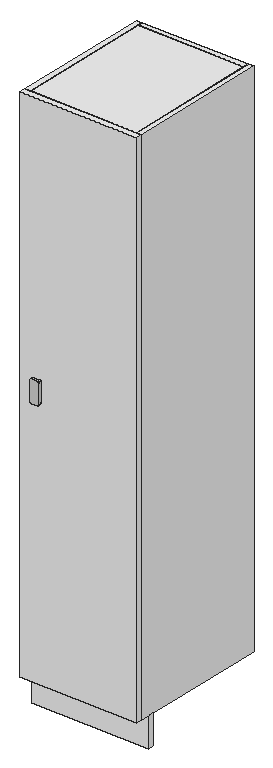
Revit family "Lockin Lockers AU_Hanging Locker_R22", category Furniture, Revit 2022
Family settings
  OmniClass Number = 23.40.20.27
  OmniClass Title = Storage Shelving
  Work Plane-Based = Yes
  Always vertical = Yes
  Cut with Voids When Loaded = No
  Render Appearance Source = Family Geometry
  Shared = Yes
  Room Calculation Point = No
Parameters (values of type "Hanging Locker 1 door (P1)")
  vis_Wave Door = no
  vis_Shoe Box = no
  vis_Shelf Top = yes
  vis_Shelf Bottom = yes
  vis_Full Width Shelf = not(vis_Floating Shelf Bottom)  # yes
  vis_Floating Shelf Top = no
  vis_Floating Shelf Bottom = no
  vis_Coatrack Top = no
  vis_Coatrack Bottom = yes
  vis_Bottom Cover Standard = yes
  vis_Bench Seat & Shoe Box = no
  vis_Bench Seat = no
  vis_2 Door = if(N_Doors > 1, 1 = 1, 1 = 0)  # no
  Width Control = if(Desired Width > Maximum Width, Maximum Width, if(Desired Width < Minimum Width, Minimum Width, Desired Width))  # 400 mm
  URL = "https://www.lockin.com.au/lockers/hanging-lockers/p1-locker"
  TH Wall = 18 mm  # constant formula
  Shoe Box Height = if(or(vis_Shoe Box, vis_Bench Seat & Shoe Box), 350 mm, 0 mm)  # 0 mm
  N_Doors = 1
  Locker Joint = 3 mm  # constant formula
  Height Shelf Offset Top = 450 mm
  Height Shelf Offset Bottom = 898.5 mm
  Height Control = if(Desired Height > Maximum Height, Maximum Height, if(Desired Height < Minimum Height, Minimum Height, Desired Height))  # 1900 mm
  Desired Base Height = 100 mm
  Minimum Width = 300 mm
  Minimum Height = 1800 mm
  Minimum Depth = 200 mm
  Minimum Base Height = 80 mm
  Maximum Width = 600 mm
  Maximum Height = 2100 mm
  Maximum Depth = 600 mm
  Maximum Base Height = 200 mm
  LH Door Swing [instance] = not(RH Door Swing)  # no
  Model = "P1"
  Manufacturer = "Lockin Lockers AU"  # constant formula
  RH Door Swing [instance] = yes
  H Locker = (((Desired Height - Desired Base Height - Shoe Box Height) - ((N_Doors - 1) * Locker Joint))) / N_Doors  # 1800 mm
  Door Type = Lockin_Locker Door_R22 : Standard Door/Combination Lock
  Door Material = Material - Melamine - Laminex or Polytec Finish
  Description = "Hanging Locker 1 door"
  Depth Control = if(Desired Depth > Maximum Depth, Maximum Depth, if(Desired Depth < Minimum Depth, Minimum Depth, Desired Depth))  # 500 mm
  Default Elevation = 0 mm  # constant formula
  Desired Height = 1900 mm
  Desired Depth = 500 mm
  Desired Width = 400 mm
  Body/Frame Material = Material - Melamine - Laminex or Polytec Finish
  Base Height Control = if(Desired Base Height > Maximum Base Height, Maximum Base Height, if(Desired Base Height < Minimum Base Height, Minimum Base Height, Desired Base Height))  # 100 mm
  Assembly Code = ""
Types (12, lengths in mm): name | vis_Wave Door | vis_Shoe Box | vis_Shelf Top | vis_Full Width Shelf | vis_Floating Shelf Top | vis_Floating Shelf Bottom | vis_Coatrack Top | vis_Coatrack Bottom | vis_Bottom Cover Standard | vis_Bench Seat & Shoe Box | vis_Bench Seat | vis_2 Door | URL | Shoe Box Height | N_Doors | Height Shelf Offset Top | Height Shelf Offset Bottom | Desired Base Height | Minimum Base Height | Maximum Base Height | Model | H Locker | Door Type | Description | Base Height Control
  (no name) | no | no | yes | yes | no | no | no | yes | yes | no | no | no | "https://www.lockin.com.au/lockers/hanging-lockers/p1-locker" | 0 | 1 | 450 | 898.5 | 100 | 80 | 200 | "P1" | 1800 | Lockin_Locker Door_R22 : Standard Door/Combination Lock | "Hanging Locker 1 door" | 100
  Hanging Locker 1 door (P1) | no | no | yes | yes | no | no | no | yes | yes | no | no | no | "https://www.lockin.com.au/lockers/hanging-lockers/p1-locker" | 0 | 1 | 450 | 898.5 | 100 | 80 | 200 | "P1" | 1800 | Lockin_Locker Door_R22 : Standard Door/Combination Lock | "Hanging Locker 1 door" | 100
  Hanging Locker 1 door w. floating shelf (PX1) | no | no | yes | no | no | yes | no | yes | yes | no | no | no | "https://www.lockin.com.au/lockers/hanging-lockers/px1-locker" | 0 | 1 | 450 | 898.5 | 100 | 80 | 200 | "PX1" | 1800 | Lockin_Locker Door_R22 : Standard Door/Combination Lock | "Hanging Locker 1 door w. floating shelf" | 100
  Hanging Locker 1 door w. bench seat (P1+) | no | no | yes | yes | no | no | no | yes | yes | no | yes | no | "https://www.lockin.com.au/lockers/hanging-lockers/p1-plus-locker" | 0 | 1 | 300 | 750 | 450 | 450 | 450 | "P1+" | 1450 | Lockin_Locker Door_R22 : Standard Door/Combination Lock | "Hanging Locker 1 door w. bench seat" | 450
  Hanging Locker 2 door (P2) | no | no | no | yes | no | no | yes | yes | yes | no | no | yes | "https://www.lockin.com.au/lockers/hanging-lockers/p2-locker" | 0 | 2 | 300 | 880.5 | 100 | 80 | 200 | "P2" | 898.5 | Lockin_Locker Door_R22 : Standard Door/Combination Lock | "Hanging Locker 2 door" | 100
  Hanging Locker 2 door w. floating shelf (PX2) | no | no | no | no | yes | yes | no | no | yes | no | no | yes | "https://www.lockin.com.au/lockers/hanging-lockers/px2-locker" | 0 | 2 | 300 | 898.5 | 100 | 80 | 200 | "PX2" | 898.5 | Lockin_Locker Door_R22 : Standard Door/Combination Lock | "Hanging Locker 2 door w. floating shelf" | 100
  Hanging Locker 2 door w. bench seat (P2+) | no | no | no | yes | no | no | yes | yes | yes | no | yes | yes | "https://www.lockin.com.au/lockers/hanging-lockers/p2-plus-locker" | 0 | 2 | 300 | 705.5 | 450 | 450 | 450 | "P2+" | 723.5 | Lockin_Locker Door_R22 : Standard Door/Combination Lock | "Hanging Locker 2 door w. bench seat" | 450
  Hanging Locker 2 door w. bench seat & shoe box (PS2) | no | no | no | yes | no | no | yes | yes | no | yes | no | yes | "https://www.lockin.com.au/lockers/hanging-lockers/ps2-locker" | 350 | 2 | 300 | 705.5 | 100 | 80 | 200 | "PS2" | 723.5 | Lockin_Locker Door_R22 : Standard Door/Combination Lock | "Hanging Locker 2 door w. bench seat & shoe box" | 100
  Hanging Locker 2 door w. shoe box (PB2) | no | yes | no | yes | no | no | yes | yes | yes | no | no | yes | "https://www.lockin.com.au/lockers/hanging-lockers/pb2-locker" | 350 | 2 | 300 | 705.5 | 100 | 80 | 200 | "PB2" | 723.5 | Lockin_Locker Door_R22 : Standard Door/Combination Lock | "Hanging Locker 2 door w. shoe box" | 100
  Hanging Locker wave door (PL2) | yes | no | yes | yes | no | no | no | no | yes | no | no | no | "https://www.lockin.com.au/lockers/hanging-lockers/pl2-locker" | 0 | 1 | 300 | 300 | 100 | 80 | 200 | "PL2" | 1800 | Lockin_Locker Door_R22 : Wave Door/OCS Lock | "Hanging Locker wave door" | 100
  Hanging Locker wave door w. bench seat & shoe box (PLS2) | yes | no | yes | yes | yes | no | yes | yes | no | yes | no | no | "https://www.lockin.com.au/lockers/hanging-lockers/pls2-locker" | 350 | 1 | 300 | 300 | 100 | 80 | 200 | "PLS2" | 1450 | Lockin_Locker Door_R22 : Wave Door/OCS Lock | "Hanging Locker wave door w. bench seat & shoe box" | 100
  Hanging Locker wave door w. shoe box (PLB) | yes | yes | yes | yes | yes | no | yes | yes | yes | no | no | no | "https://www.lockin.com.au/lockers/hanging-lockers/plb2-locker" | 350 | 1 | 300 | 300 | 100 | 80 | 200 | "PLB" | 1450 | Lockin_Locker Door_R22 : Wave Door/OCS Lock | "Hanging Locker wave door w. shoe box" | 100
Reference planes
  plane 1 "Back": y = -2057.4
  plane 2 "Bottom": z = 0
  plane 3 "Right": x = 271.334
  plane 4 "Left": x = -128.666
  plane 5 "Front": y = -2557.4
  plane 6 "Top": z = 1900
  plane 7 "T. Legs": z = 0
  plane 8 "T. Base": z = 100
  plane 9 "B. Top": z = 1882
  plane 10 "Left Inside": x = -110.666
  plane 11 "Front Inside": y = -2538.4
  plane 12 "Right Inside": x = 253.334
  plane 13 "Back Inside": y = -2075.4
  plane 14 "4P": z = 118
  plane 15 "Center (Left/Right)": x = 71.334
  plane 16 "Front Base": y = -2507.4
  plane 17 "Back Base": y = -2489.4
  plane 18 "Left5": y = -2536.4
  plane 19 "Top Shelf 1": z = 1016.5
  plane 20 "Top Shelf 2": z = 1450
  plane 21 "Bottom Shelf 1": z = 998.5
  plane 22 "Bottom Shelf 2": z = 1432
  plane 23 "H Locker": z = 1900
  plane 24 "Top Joint": z = 1903
  plane 25 "Floating Shelf Right Inside": x = 89.334
  plane 26 "Floating Shelf Right Outside": x = 107.334
  plane 27 "Floating Shelf Top Top": z = 698.5
  plane 28 "Floating Shelf Top Bottom": z = 680.5
  plane 29 "Floating Shelf Bottom Top": z = 380.5
  plane 30 "Floating Shelf Bottom Bottom": z = 362.5
  plane 31 "Floating Shelf Front": y = -2343.4
  plane 32 "Bottom Shoe Box": z = 100
  plane 33 "Center (Front/Back)": y = -2307.4
  plane 34: z = 1582
  plane 35: z = 1564
  plane 36: z = 1264
  plane 37: z = 1246
Forms (mm)
  Extrusion 1, solid, material "Material - Melamine - Laminex or Polytec Finish" <- "Body/Frame Material"
    sketch origin (0, -2557.4, 0) x (1, 0, 0) y (0, 0, 1)
      loop
        line (-110.666, 1882) -> (253.334, 1882) -> (253.334, 1900) -> (-110.666, 1900) -> (-110.666, 1882)
    from -482 to -21
  Extrusion 2, solid, material "Material - Melamine - Laminex or Polytec Finish" <- "Body/Frame Material"
    sketch origin (0, -2557.4, -1625.6) x (1, 0, 0) y (0, 0, 1)
      loop
        line (-110.666, 1725.6) -> (253.334, 1725.6) -> (253.334, 1743.6) -> (-110.666, 1743.6) -> (-110.666, 1725.6)
    from -482 to -21
  Extrusion 3, solid, material "Material - Melamine - Laminex or Polytec Finish" <- "Body/Frame Material", visible <- "vis_Bottom Cover Standard"
    sketch origin (0, 0, 0) x (1, 0, 0) y (0, 1, 0)
      loop
        line (-128.666, -2057.4) -> (-128.666, -2536.4) -> (-110.666, -2536.4) -> (-110.666, -2057.4) -> (-128.666, -2057.4)
    from 100 to 1900
  Extrusion 4, solid, material "Material - Melamine - Laminex or Polytec Finish" <- "Body/Frame Material", visible <- "vis_Bottom Cover Standard"
    sketch origin (0, 0, 0) x (1, 0, 0) y (0, 1, 0)
      loop
        line (-110.666, -2057.4) -> (-110.666, -2075.4) -> (253.334, -2075.4) -> (253.334, -2057.4) -> (-110.666, -2057.4)
    from 100 to 1900
  Extrusion 5, solid, material "Material - Melamine - Laminex or Polytec Finish" <- "Body/Frame Material", visible <- "vis_Bottom Cover Standard"
    sketch origin (2266.95, 0, 0) x (1, 0, 0) y (0, 1, 0)
      loop
        line (-2013.616, -2057.4) -> (-2013.616, -2536.4) -> (-1995.616, -2536.4) -> (-1995.616, -2057.4) -> (-2013.616, -2057.4)
    from 100 to 1900
  Extrusion 6, solid, material "Material - Melamine - Laminex or Polytec Finish" <- "Body/Frame Material", visible <- "vis_Bottom Cover Standard"
    sketch origin (0, 0, 0) x (1, 0, 0) y (0, 1, 0)
      loop
        line (271.334, -2507.4) -> (271.334, -2489.4) -> (-128.666, -2489.4) -> (-128.666, -2507.4) -> (271.334, -2507.4)
    from 0 to 100
  Extrusion 7, solid, material "Material - Melamine - Laminex or Polytec Finish" <- "Body/Frame Material", visible <- "vis_Shelf Bottom"
    sketch origin (0, -2557.4, -905.6) x (1, 0, 0) y (0, 0, 1)
      loop
        line (-110.666, 1904.1) -> (253.334, 1904.1) -> (253.334, 1922.1) -> (-110.666, 1922.1) -> (-110.666, 1904.1)
    from -482 to -21
  Extrusion 8, solid, material "Material - Melamine - Laminex or Polytec Finish" <- "Body/Frame Material", visible <- "vis_Shelf Top"
    sketch origin (0, -2557.4, -325.6) x (1, 0, 0) y (0, 0, 1)
      loop
        line (-110.666, 1757.6) -> (253.334, 1757.6) -> (253.334, 1775.6) -> (-110.666, 1775.6) -> (-110.666, 1757.6)
    from -482 to -21
  Extrusion 9, solid, material "Material - Melamine - Laminex or Polytec Finish" <- "Body/Frame Material", visible <- "vis_Floating Shelf Bottom"
    sketch origin (0, -2557.4, 0) x (1, 0, 0) y (0, 0, 1)
      loop
        line (89.334, 998.5) -> (89.334, 698.5) -> (-110.666, 698.5) -> (-110.666, 680.5) -> (89.334, 680.5) -> (89.334, 380.5) -> (-110.666, 380.5) -> (-110.666, 362.5) -> (107.334, 362.5) -> (107.334, 998.5) -> (89.334, 998.5)
    from -482 to -214
  Extrusion 10, solid, material "Material - Melamine - Laminex or Polytec Finish" <- "Body/Frame Material", visible <- "vis_Bench Seat & Shoe Box"
    sketch origin (0, 0, 0) x (1, 0, 0) y (0, 1, 0)
      loop
        line (-128.666, -2536.4) -> (-110.666, -2536.4) -> (-110.666, -2057.4) -> (-128.666, -2057.4) -> (-128.666, -2536.4)
      loop
        line (253.334, -2057.4) -> (253.334, -2536.4) -> (271.334, -2536.4) -> (271.334, -2057.4) -> (253.334, -2057.4)
    from 100 to 1900
  Extrusion 11, solid, material "Material - Melamine - Laminex or Polytec Finish" <- "Body/Frame Material", visible <- "vis_Bench Seat & Shoe Box"
    sketch origin (0, 0, 0) x (1, 0, 0) y (0, 1, 0)
      loop
        line (-110.666, -2057.4) -> (-110.666, -2075.4) -> (253.334, -2075.4) -> (253.334, -2057.4) -> (-110.666, -2057.4)
    from 100 to 1900
  Extrusion 12, solid, material "Material - Melamine - Laminex or Polytec Finish" <- "Body/Frame Material", visible <- "vis_Coatrack Bottom"
    sketch origin (71.334, 0, 0) x (0, -1, 0) y (0, 0, 1)
      loop
        circle (2307.4, 938.5) r 10
    from -182 to 182
  Extrusion 13, solid, material "Material - Melamine - Laminex or Polytec Finish" <- "Body/Frame Material", visible <- "vis_Floating Shelf Bottom"
    sketch origin (71.334, 0, 0) x (0, -1, 0) y (0, 0, 1)
      loop
        circle (2307.4, 938.5) r 10
    from -182 to -36
  Extrusion 14, solid, material "Material - Melamine - Laminex or Polytec Finish" <- "Body/Frame Material", visible <- "vis_Wave Door"
    sketch origin (0, -2057.4, 0) x (1, 0, 0) y (0, 0, 1)
      loop
        line (80.334, 1432) -> (62.334, 1432) -> (62.334, 1016.5) -> (80.334, 1016.5) -> (80.334, 1432)
    from 18 to 479
  Extrusion 15, solid, material "Material - Melamine - Laminex or Polytec Finish" <- "Body/Frame Material", visible <- "vis_Floating Shelf Top"
    sketch origin (0, -2557.4, 883.5) x (1, 0, 0) y (0, 0, 1)
      loop
        line (89.334, 998.5) -> (89.334, 698.5) -> (-110.666, 698.5) -> (-110.666, 680.5) -> (89.334, 680.5) -> (89.334, 380.5) -> (-110.666, 380.5) -> (-110.666, 362.5) -> (107.334, 362.5) -> (107.334, 998.5) -> (89.334, 998.5)
    from -432 to -164
  Extrusion 16, solid, material "Material - Melamine - Laminex or Polytec Finish" <- "Body/Frame Material", visible <- "vis_Floating Shelf Top"
    sketch origin (71.334, 0, 883.5) x (0, -1, 0) y (0, 0, 1)
      loop
        circle (2307.4, 938.5) r 10
    from -182 to -36
  Extrusion 17, solid, material "Material - Melamine - Laminex or Polytec Finish" <- "Body/Frame Material", visible <- "vis_Coatrack Top"
    sketch origin (71.334, 0, 901.5) x (0, -1, 0) y (0, 0, 1)
      loop
        circle (2307.4, 920.5) r 10
    from -182 to 182
Dimensions and locks
  "Desired Depth": plane 5 "Front" to plane 1 "Back"
  "Desired Height": plane 6 "Top" to level
  "TH Wall": plane 6 "Top" to plane 9 "B. Top"
  "TH Wall": plane 13 "Back Inside" to plane 1 "Back"
  "TH Wall": plane 14 "4P" to plane 8 "T. Base"
  "TH Wall": plane 4 "Left" to plane 10 "Left Inside"
  "TH Wall": plane 12 "Right Inside" to plane 3 "Right"
  "Desired Width": plane 4 "Left" to plane 3 "Right"
  equal spacing: plane 4 "Left", plane 15 "Center (Left/Right)", plane 3 "Right"
  locked: plane 5 "Front" to plane 16 "Front Base" at 50
  locked: plane 16 "Front Base" to plane 17 "Back Base" at 18
  plane 5 "Front" to plane 11 "Front Inside" = 19 mm
  locked: plane 11 "Front Inside" to plane 18 "Left5" at 2
  "TH Wall": plane 20 "Top Shelf 2" to plane 22 "Bottom Shelf 2"
  "TH Wall": plane 19 "Top Shelf 1" to plane 21 "Bottom Shelf 1"
  "Height Shelf Offset Top": plane 6 "Top" to plane 20 "Top Shelf 2"
  "H Locker": plane 23 "H Locker" to plane 8 "T. Base"
  "Locker Joint": plane 24 "Top Joint" to plane 23 "H Locker"
  plane 24 "Top Joint" to plane 6 "Top" = 3 mm
  locked: plane 10 "Left Inside" to plane 25 "Floating Shelf Right Inside" at 200
  "TH Wall": plane 25 "Floating Shelf Right Inside" to plane 26 "Floating Shelf Right Outside"
  locked: plane 21 "Bottom Shelf 1" to plane 27 "Floating Shelf Top Top" at 300
  locked: plane 28 "Floating Shelf Top Bottom" to plane 29 "Floating Shelf Bottom Top" at 300
  "TH Wall": plane 27 "Floating Shelf Top Top" to plane 28 "Floating Shelf Top Bottom"
  "TH Wall": plane 29 "Floating Shelf Bottom Top" to plane 30 "Floating Shelf Bottom Bottom"
  locked: plane 13 "Back Inside" to plane 31 "Floating Shelf Front" at 268
  "Base Height Control": plane 32 "Bottom Shoe Box" to level
  "Shoe Box Height": plane 8 "T. Base" to plane 32 "Bottom Shoe Box"
  "Height Shelf Offset Bottom": plane 21 "Bottom Shelf 1" to plane 8 "T. Base"
  equal spacing: plane 1 "Back", plane 33 "Center (Front/Back)", plane 5 "Front"
  locked: plane 33 "Center (Front/Back)" to Extrusion 12 sketch curve
  locked: plane 21 "Bottom Shelf 1" to Extrusion 12 sketch curve at 60
  locked: Extrusion 13 sketch curve to plane 33 "Center (Front/Back)"
  locked: plane 21 "Bottom Shelf 1" to Extrusion 13 sketch curve at 60
  "TH Wall": Extrusion 14 sketch curve to Extrusion 14 sketch curve
  equal spacing: Extrusion 14 sketch curve, plane 15 "Center (Left/Right)", Extrusion 14 sketch curve
  locked: plane 35 to plane 36 at 300
  "TH Wall": plane 34 to plane 35
  "TH Wall": plane 36 to plane 37
  locked: plane 9 "B. Top" to plane 34 at 300
  locked: plane 33 "Center (Front/Back)" to Extrusion 16 sketch curve
  locked: plane 9 "B. Top" to Extrusion 16 sketch curve at 60
  locked: plane 33 "Center (Front/Back)" to Extrusion 17 sketch curve
  locked: plane 9 "B. Top" to Extrusion 17 sketch curve at 60
  aligned and locked: level to plane 2 "Bottom"
  aligned and locked: plane 6 "Top" to Extrusion 1
  aligned and locked: Extrusion 1 to plane 9 "B. Top"
  aligned and locked: plane 10 "Left Inside" to Extrusion 2
  aligned and locked: Extrusion 2 to plane 12 "Right Inside"
  aligned and locked: plane 4 "Left" to Extrusion 3
  aligned and locked: Extrusion 3 to Extrusion 2
  aligned and locked: Extrusion 3 to plane 1 "Back"
  aligned and locked: Extrusion 2 to Extrusion 4
  aligned and locked: Extrusion 4 to Extrusion 2
  aligned and locked: Extrusion 4 to plane 1 "Back"
  aligned and locked: plane 13 "Back Inside" to Extrusion 4
  aligned and locked: plane 3 "Right" to Extrusion 5
  aligned and locked: Extrusion 5 to Extrusion 2
  aligned and locked: Extrusion 5 to plane 1 "Back"
  aligned and locked: Extrusion 2 to plane 13 "Back Inside"
  aligned and locked: plane 8 "T. Base" to nested 1
  aligned and locked: plane 4 "Left" to nested 1
  aligned and locked: plane 11 "Front Inside" to nested 1
  aligned and locked: Extrusion 3 to plane 8 "T. Base"
  aligned and locked: plane 14 "4P" to Extrusion 2
  aligned and locked: Extrusion 2 to plane 8 "T. Base"
  aligned and locked: Extrusion 4 to plane 8 "T. Base"
  aligned and locked: Extrusion 5 to plane 8 "T. Base"
  aligned and locked: plane 3 "Right" to Extrusion 6
  aligned and locked: plane 16 "Front Base" to Extrusion 6
  aligned and locked: Extrusion 6 to plane 17 "Back Base"
  aligned and locked: plane 4 "Left" to Extrusion 6
  aligned and locked: Extrusion 6 to level
  aligned and locked: plane 18 "Left5" to Extrusion 3
  aligned and locked: plane 18 "Left5" to Extrusion 5
  aligned and locked: Extrusion 2 to Extrusion 5
  aligned and locked: Extrusion 2 to Extrusion 1  (x2)
  aligned and locked: Extrusion 1 to Extrusion 2  (x2)
  aligned and locked: plane 6 "Top" to Extrusion 3
  aligned and locked: plane 6 "Top" to Extrusion 4
  aligned and locked: plane 6 "Top" to Extrusion 5
  aligned and locked: Extrusion 8 to Extrusion 1  (x4)
  aligned and locked: Extrusion 8 to plane 22 "Bottom Shelf 2"
  aligned and locked: plane 20 "Top Shelf 2" to Extrusion 8
  aligned and locked: Extrusion 7 to Extrusion 1  (x4)
  aligned and locked: Extrusion 7 to plane 21 "Bottom Shelf 1"
  aligned and locked: plane 19 "Top Shelf 1" to Extrusion 7
  aligned and locked: plane 24 "Top Joint" to nested 2
  aligned and locked: nested 2 to plane 4 "Left"
  aligned and locked: plane 11 "Front Inside" to nested 2
  aligned and locked: plane 10 "Left Inside" to Extrusion 9  (x2)
  aligned and locked: plane 27 "Floating Shelf Top Top" to Extrusion 9
  aligned and locked: Extrusion 9 to plane 28 "Floating Shelf Top Bottom"
  aligned and locked: Extrusion 9 to Extrusion 7
  aligned and locked: plane 25 "Floating Shelf Right Inside" to Extrusion 9
  aligned and locked: Extrusion 9 to plane 26 "Floating Shelf Right Outside"
  aligned and locked: plane 29 "Floating Shelf Bottom Top" to Extrusion 9
  aligned and locked: Extrusion 9 to plane 30 "Floating Shelf Bottom Bottom"
  aligned and locked: Extrusion 9 to plane 13 "Back Inside"
  aligned and locked: plane 31 "Floating Shelf Front" to Extrusion 9
  aligned and locked: plane 15 "Center (Left/Right)" to nested 3
  aligned and locked: plane 16 "Front Base" to nested 3
  aligned and locked: plane 8 "T. Base" to nested 3
  aligned and locked: plane 32 "Bottom Shoe Box" to Extrusion 6
  aligned and locked: plane 15 "Center (Left/Right)" to nested 4
  aligned and locked: plane 1 "Back" to nested 4
  aligned and locked: plane 32 "Bottom Shoe Box" to nested 4
  aligned and locked: plane 15 "Center (Left/Right)" to nested 5
  aligned and locked: nested 5 to plane 11 "Front Inside"
  aligned and locked: Extrusion 1 to Extrusion 10
  aligned and locked: Extrusion 10 to Extrusion 1  (x3)
  aligned and locked: plane 3 "Right" to Extrusion 10
  aligned and locked: Extrusion 10 to plane 1 "Back"  (x2)
  aligned and locked: plane 4 "Left" to Extrusion 10
  aligned and locked: plane 6 "Top" to Extrusion 10
  aligned and locked: Extrusion 10 to plane 32 "Bottom Shoe Box"
  aligned and locked: Extrusion 11 to plane 1 "Back"
  aligned and locked: Extrusion 1 to Extrusion 11
  aligned and locked: Extrusion 11 to Extrusion 1  (x2)
  aligned and locked: Extrusion 11 to plane 32 "Bottom Shoe Box"
  aligned and locked: plane 6 "Top" to Extrusion 11
  aligned and locked: Extrusion 12 to plane 12 "Right Inside"
  aligned and locked: plane 10 "Left Inside" to Extrusion 12
  aligned and locked: Extrusion 13 to plane 12 "Right Inside"
  aligned and locked: plane 26 "Floating Shelf Right Outside" to Extrusion 13
  aligned and locked: Extrusion 14 sketch curve to plane 19 "Top Shelf 1"
  aligned and locked: plane 22 "Bottom Shelf 2" to Extrusion 14 sketch curve
  aligned and locked: Extrusion 14 to plane 13 "Back Inside"
  aligned and locked: plane 18 "Left5" to Extrusion 14
  aligned and locked: plane 34 to Extrusion 15
  aligned and locked: plane 10 "Left Inside" to Extrusion 15  (x2)
  aligned and locked: plane 36 to Extrusion 15
  aligned and locked: Extrusion 15 to plane 37
  aligned and locked: plane 25 "Floating Shelf Right Inside" to Extrusion 15  (x2)
  aligned and locked: Extrusion 15 to plane 26 "Floating Shelf Right Outside"
  aligned and locked: Extrusion 15 to plane 35
  aligned and locked: plane 9 "B. Top" to Extrusion 15
  aligned and locked: plane 26 "Floating Shelf Right Outside" to Extrusion 16
  aligned and locked: Extrusion 16 to Extrusion 1
  aligned and locked: Extrusion 17 to Extrusion 1
  aligned and locked: Extrusion 1 to Extrusion 17
Automatic sketch dimensions
  Extrusion 1 sketch curve to plane 6 "Top" = 0 mm
  plane 10 "Left Inside" to Extrusion 1 sketch curve = 0 mm
  plane 12 "Right Inside" to Extrusion 1 sketch curve = 0 mm
  Extrusion 1 sketch curve to plane 9 "B. Top" = 0 mm
  plane 10 "Left Inside" to Extrusion 2 sketch curve = 0 mm
  plane 12 "Right Inside" to Extrusion 2 sketch curve = 0 mm
  Extrusion 2 sketch curve to plane 8 "T. Base" = 0 mm
  Extrusion 2 sketch curve to plane 14 "4P" = 0 mm
  Extrusion 3 sketch curve to plane 4 "Left" = 0 mm
  Extrusion 3 sketch curve to plane 10 "Left Inside" = 0 mm
  plane 18 "Left5" to Extrusion 3 sketch curve = 0 mm
  plane 1 "Back" to Extrusion 3 sketch curve = 0 mm
  Extrusion 4 sketch curve to plane 10 "Left Inside" = 0 mm
  Extrusion 4 sketch curve to plane 12 "Right Inside" = 0 mm
  plane 13 "Back Inside" to Extrusion 4 sketch curve = 0 mm
  plane 1 "Back" to Extrusion 4 sketch curve = 0 mm
  Extrusion 5 sketch curve to plane 12 "Right Inside" = 0 mm
  Extrusion 5 sketch curve to plane 3 "Right" = 0 mm
  plane 18 "Left5" to Extrusion 5 sketch curve = 0 mm
  plane 1 "Back" to Extrusion 5 sketch curve = 0 mm
  Extrusion 6 sketch curve to plane 4 "Left" = 0 mm
  Extrusion 6 sketch curve to plane 3 "Right" = 0 mm
  plane 16 "Front Base" to Extrusion 6 sketch curve = 0 mm
  plane 17 "Back Base" to Extrusion 6 sketch curve = 0 mm
  plane 10 "Left Inside" to Extrusion 7 sketch curve = 0 mm
  plane 12 "Right Inside" to Extrusion 7 sketch curve = 0 mm
  Extrusion 7 sketch curve to plane 21 "Bottom Shelf 1" = 0 mm
  Extrusion 7 sketch curve to plane 19 "Top Shelf 1" = 0 mm
  plane 10 "Left Inside" to Extrusion 8 sketch curve = 0 mm
  plane 12 "Right Inside" to Extrusion 8 sketch curve = 0 mm
  Extrusion 8 sketch curve to plane 22 "Bottom Shelf 2" = 0 mm
  Extrusion 8 sketch curve to plane 20 "Top Shelf 2" = 0 mm
  plane 10 "Left Inside" to Extrusion 9 sketch curve = 0 mm  (x2)
  plane 25 "Floating Shelf Right Inside" to Extrusion 9 sketch curve = 0 mm  (x2)
  Extrusion 9 sketch curve to plane 21 "Bottom Shelf 1" = 0 mm
  plane 26 "Floating Shelf Right Outside" to Extrusion 9 sketch curve = 0 mm
  Extrusion 9 sketch curve to plane 30 "Floating Shelf Bottom Bottom" = 0 mm
  Extrusion 9 sketch curve to plane 29 "Floating Shelf Bottom Top" = 0 mm
  Extrusion 9 sketch curve to plane 28 "Floating Shelf Top Bottom" = 0 mm
  Extrusion 9 sketch curve to plane 27 "Floating Shelf Top Top" = 0 mm
  plane 1 "Back" to Extrusion 10 sketch curve = 0 mm  (x2)
  Extrusion 10 sketch curve to plane 4 "Left" = 0 mm
  Extrusion 10 sketch curve to plane 10 "Left Inside" = 0 mm
  Extrusion 10 sketch curve to plane 12 "Right Inside" = 0 mm
  Extrusion 10 sketch curve to plane 3 "Right" = 0 mm
  plane 18 "Left5" to Extrusion 10 sketch curve = 0 mm  (x2)
  Extrusion 11 sketch curve to plane 10 "Left Inside" = 0 mm
  Extrusion 11 sketch curve to plane 12 "Right Inside" = 0 mm
  plane 13 "Back Inside" to Extrusion 11 sketch curve = 0 mm
  plane 1 "Back" to Extrusion 11 sketch curve = 0 mm
  plane 10 "Left Inside" to Extrusion 15 sketch curve = 0 mm  (x2)
  plane 25 "Floating Shelf Right Inside" to Extrusion 15 sketch curve = 0 mm  (x2)
  plane 22 "Bottom Shelf 2" to Extrusion 15 sketch curve = 150 mm
  Extrusion 15 sketch curve to plane 9 "B. Top" = 0 mm
  plane 26 "Floating Shelf Right Outside" to Extrusion 15 sketch curve = 0 mm
  Extrusion 15 sketch curve to plane 37 = 0 mm
  Extrusion 15 sketch curve to plane 36 = 0 mm
  Extrusion 15 sketch curve to plane 35 = 0 mm
  radius of Extrusion 12 sketch curve = 10 mm
  radius of Extrusion 13 sketch curve = 10 mm
  radius of Extrusion 16 sketch curve = 10 mm
  radius of Extrusion 17 sketch curve = 10 mm
Nested families
  nested 1: "Lockin_Locker Door_R22" at (20, -481, 100), H Locker <- "H Locker", LH <- "RH Door Swing", RH <- "LH Door Swing", W Locker <- "Desired Width", Locker Material <- "Door Material", type <- "Door Type", type "Standard Door/Combination Lock"
    with Wave RH no, Wave LH no, W Locker 400 mm, Std RH no, Std LH yes, RH no, Locker Material Material - Melamine - Laminex or Polytec Finish, LH yes, H Locker 1800 mm
  nested 2: "Lockin_Locker Door_R22" at (20, -481, 1903), H Locker <- "H Locker", LH <- "RH Door Swing", RH <- "LH Door Swing", W Locker <- "Desired Width", Locker Material <- "Door Material", visible <- "vis_2 Door", type <- "Door Type", type "Standard Door/Combination Lock"
    with Wave RH no, Wave LH no, W Locker 400 mm, Std RH no, Std LH yes, RH no, Locker Material Material - Melamine - Laminex or Polytec Finish, LH yes, H Locker 1800 mm
  nested 3: "Lockin_Bench Seat_R22" at (-8.6, -450, 100), Width <- "Desired Width", visible <- "vis_Bench Seat", type "Bench Seat"
    with Width 400 mm, Support Material Paint - Black
  nested 4: "Lockin_Shoe Box_R22" at (-8.6, 0, 100), Body/Frame Material <- "Body/Frame Material", Depth <- "Depth Control", Width <- "Width Control", visible <- "vis_Shoe Box", type "Shoe Box"
    with Width 400 mm, Depth Control 500 mm, Depth 500 mm, Body/Frame Material Material - Melamine - Laminex or Polytec Finish, Base Height 80 mm
  nested 5: "Lockin_Shoe Box_R22" at (-8.6, -500, 100), Body/Frame Material <- "Body/Frame Material", Depth <- "Depth Control", Width <- "Width Control", visible <- "vis_Bench Seat & Shoe Box", Base Height <- "Base Height Control", type "Bench Seat w/ Shoebox"
    with Width 400 mm, Depth Control 290 mm, Depth 500 mm, Body/Frame Material Material - Melamine - Laminex or Polytec Finish, Base Height 100 mm
Definition of nested family "Lockin_Locker Door_R22"
  Parameters (values of type "Wave Door/OCS Lock")
    Wave RH [instance] = if(and(Wave Door, RH), 1 = 1, 1 = 0)  # no
    Wave LH [instance] = if(and(Wave Door, LH), 1 = 1, 1 = 0)  # yes
    Wave Door = yes
    W Locker [instance] = 457.2 mm
    URL = ""
    TH Locker = 18.999 mm  # constant formula
    Std RH [instance] = if(and(Standard Door, RH), 1 = 1, 1 = 0)  # no
    Std LH [instance] = if(and(Standard Door, LH), 1 = 1, 1 = 0)  # no
    Standard Door = no
    RH [instance] = no
    Model = ""
    Manufacturer = "Lockin Lockers"  # constant formula
    Lock Type = Lockin_Lock_R22 : OCS Lock
    LH [instance] = yes
    H Locker [instance] = 1270 mm
    Description = ""
    Default Elevation = 0 mm  # constant formula
    Locker Material [instance] = none
  Types (4, lengths in mm): name | Wave LH | Wave Door | Std RH | Standard Door | RH | Lock Type | LH
    Standard Door/Combination Lock | no | no | yes | yes | yes | Lockin_Lock_R22 : Combination Lock | no
    Wave Door/Combination Lock | yes | yes | no | no | no | Lockin_Lock_R22 : Combination Lock | yes
    Standard Door/OCS Lock | no | no | yes | yes | yes | Lockin_Lock_R22 : OCS Lock | no
    Wave Door/OCS Lock | yes | yes | no | no | no | Lockin_Lock_R22 : OCS Lock | yes
  Reference planes
    plane 1 "Back": y = -2057.4
    plane 2 "Bottom": z = 0
    plane 3 "Left": x = 308.534
    plane 4 "Right": x = -148.666
    plane 5 "Top": z = 1270
    plane 6 "Front": y = -2076.399
    plane 7 "W Lock LH": x = -91.516
    plane 8 "H Lock": z = 635
    plane 9 "W Lock RH": x = 251.384
    plane 10: z = 970
    plane 11: z = 300
    plane 12 "Center (Left/Right)": x = 79.934
    plane 13 "wave bottom": z = 150
    plane 14 "wave top": z = 1120
  Forms (mm)
    Extrusion 1, solid, material <- "Locker Material", visible <- "Standard Door"
      sketch origin (0, -2076.399, 0) x (1, 0, 0) y (0, 0, 1)
        loop
          line (-148.666, 1270) -> (-148.666, 0) -> (308.534, 0) -> (308.534, 1270) -> (-148.666, 1270)
      from -18.999 to 0
    Extrusion 2, solid, material <- "Locker Material", visible <- "Wave RH"
      sketch origin (0, -2076.399, 0) x (1, 0, 0) y (0, 0, 1)
        loop
          line (-148.666, 1270) -> (-148.666, 301.5) -> (19.934, 301.5)
          arc (19.934, 301.5) -> (61.299, 318.634) -> (78.434, 360) r 58.5
          line (78.434, 360) -> (78.434, 910)
          arc (78.434, 910) -> (96.447, 953.487) -> (139.934, 971.5) r 61.5
          line (139.934, 971.5) -> (308.534, 971.5) -> (308.534, 1270) -> (-148.666, 1270)
        loop
          line (-148.666, 0) -> (308.534, 0) -> (308.534, 968.5) -> (139.934, 968.5)
          arc (139.934, 968.5) -> (98.568, 951.366) -> (81.434, 910) r 58.5
          line (81.434, 910) -> (81.434, 360)
          arc (81.434, 360) -> (63.421, 316.513) -> (19.934, 298.5) r 61.5
          line (19.934, 298.5) -> (-148.666, 298.5) -> (-148.666, 0)
      from -18.999 to 0
    Extrusion 3, solid, material <- "Locker Material", visible <- "Wave LH"
      sketch origin (0, -2076.399, 0) x (1, 0, 0) y (0, 0, 1)
        loop
          line (308.534, 1270) -> (-148.666, 1270) -> (-148.666, 971.5) -> (19.934, 971.5)
          arc (19.934, 971.5) -> (63.421, 953.487) -> (81.434, 910) r 61.5
          line (81.434, 910) -> (81.434, 360)
          arc (81.434, 360) -> (98.568, 318.634) -> (139.934, 301.5) r 58.5
          line (139.934, 301.5) -> (308.534, 301.5) -> (308.534, 1270)
        loop
          line (308.534, 0) -> (308.534, 298.5) -> (139.934, 298.5)
          arc (139.934, 298.5) -> (96.447, 316.513) -> (78.434, 360) r 61.5
          line (78.434, 360) -> (78.434, 910)
          arc (78.434, 910) -> (61.299, 951.366) -> (19.934, 968.5) r 58.5
          line (19.934, 968.5) -> (-148.666, 968.5) -> (-148.666, 0) -> (308.534, 0)
      from -18.999 to 0
  Dimensions and locks
    "W Locker": plane 4 "Right" to plane 3 "Left"
    "TH Locker": plane 6 "Front" to plane 1 "Back"
    "H Locker": plane 5 "Top" to level
    locked: plane 4 "Right" to plane 7 "W Lock LH" at 57.15
    locked: plane 3 "Left" to plane 9 "W Lock RH" at 57.15
    equal spacing: plane 5 "Top", plane 8 "H Lock", level
    locked: plane 5 "Top" to plane 10 at 300
    locked: plane 11 to level at 300
    equal spacing: plane 4 "Right", plane 12 "Center (Left/Right)", plane 3 "Left"
    Extrusion 2 sketch curve to plane 11 to Extrusion 2 sketch curve = 1.5 mm locked, 1.5 mm locked
    Extrusion 2 sketch curve to plane 12 "Center (Left/Right)" to Extrusion 2 sketch curve = 1.5 mm locked, 1.5 mm locked
    Extrusion 2 sketch curve to plane 10 to Extrusion 2 sketch curve = 1.5 mm locked, 1.5 mm locked
    Extrusion 3 sketch curve to plane 11 to Extrusion 3 sketch curve = 1.5 mm locked, 1.5 mm locked
    Extrusion 3 sketch curve to plane 12 "Center (Left/Right)" to Extrusion 3 sketch curve = 1.5 mm locked, 1.5 mm locked
    Extrusion 3 sketch curve to plane 10 to Extrusion 3 sketch curve = 1.5 mm locked, 1.5 mm locked
    equal spacing: plane 5 "Top", plane 14 "wave top", plane 10
    equal spacing: plane 11, plane 13 "wave bottom", level
    aligned and locked: level to plane 2 "Bottom"
    aligned and locked: plane 5 "Top" to Extrusion 1
    aligned and locked: plane 3 "Left" to Extrusion 1
    aligned and locked: Extrusion 1 to level
    aligned and locked: plane 4 "Right" to Extrusion 1
    aligned and locked: Extrusion 1 to plane 1 "Back"
    aligned and locked: plane 6 "Front" to Extrusion 1
    aligned and locked: Extrusion 2 to plane 1 "Back"
    aligned and locked: Extrusion 2 to Extrusion 1
    aligned and locked: plane 6 "Front" to Extrusion 2
    aligned and locked: plane 4 "Right" to Extrusion 3 sketch curve  (x2)
    aligned and locked: Extrusion 3 sketch curve to level
    aligned and locked: plane 3 "Left" to Extrusion 3 sketch curve  (x2)
    aligned and locked: plane 5 "Top" to Extrusion 3 sketch curve
    aligned and locked: Extrusion 3 to plane 1 "Back"
    aligned and locked: plane 6 "Front" to Extrusion 3
    aligned and locked: plane 9 "W Lock RH" to nested 5
    aligned and locked: nested 4 to plane 7 "W Lock LH"
    aligned and locked: plane 9 "W Lock RH" to nested 2
    aligned and locked: nested 6 to plane 7 "W Lock LH"
    aligned and locked: plane 9 "W Lock RH" to nested 3
    aligned and locked: nested 1 to plane 7 "W Lock LH"
    aligned and locked: plane 6 "Front" to nested 2
    aligned and locked: plane 6 "Front" to nested 1
    aligned and locked: plane 6 "Front" to nested 4
    aligned and locked: plane 6 "Front" to nested 5
    aligned and locked: plane 6 "Front" to nested 3
    aligned and locked: plane 6 "Front" to nested 6
  Automatic sketch dimensions
    Extrusion 1 sketch curve to level = 0 mm
    plane 4 "Right" to Extrusion 1 sketch curve = 0 mm
    Extrusion 1 sketch curve to plane 3 "Left" = 0 mm
    Extrusion 1 sketch curve to plane 5 "Top" = 0 mm
    Extrusion 2 sketch curve to Extrusion 2 sketch curve = 0 mm  (x4)
    plane 4 "Right" to Extrusion 2 sketch curve = 0 mm  (x2)
    Extrusion 2 sketch curve to level = 0 mm
    Extrusion 2 sketch curve to plane 3 "Left" = 0 mm  (x2)
    Extrusion 2 sketch curve to plane 5 "Top" = 0 mm
    Extrusion 2 sketch curve to Extrusion 2 sketch curve = 58.5 mm  (x2)
    Extrusion 3 sketch curve to Extrusion 3 sketch curve = 0 mm  (x2)
    Extrusion 3 sketch curve to Extrusion 3 sketch curve = 58.5 mm  (x2)
  Nested families
    nested 1: "Lockin_Lock_R22" at (-1009.65, -18.999, 150), visible <- "Wave RH", type <- "Lock Type", type "OCS Lock"
    nested 2: "Lockin_Lock_R22" at (-666.75, -18.999, 150), visible <- "Wave LH", type <- "Lock Type", type "OCS Lock"
    nested 3: "Lockin_Lock_R22" at (-666.75, -18.999, 1120), visible <- "Wave RH", type <- "Lock Type", type "OCS Lock"
    nested 4: "Lockin_Lock_R22" at (-1009.65, -18.999, 635), visible <- "Std LH", type <- "Lock Type", type "OCS Lock"
    nested 5: "Lockin_Lock_R22" at (-666.75, -18.999, 635), visible <- "Std RH", type <- "Lock Type", type "OCS Lock"
    nested 6: "Lockin_Lock_R22" at (-1009.65, -18.999, 1120), visible <- "Wave LH", type <- "Lock Type", type "OCS Lock"
  Definition of nested family "Lockin_Lock_R22"
    Parameters (values of type "OCS Lock")
      vis_Combination = no
      vis_OCS = yes
      W = 50 mm
      URL = ""
      Lock Material = none
      Model = ""
      Manufacturer = "Lockin Lockers"  # constant formula
      H = 75 mm
      Description = ""
      Default Elevation = 0 mm
      D = 15 mm
    Types (2, lengths in mm): name | vis_Combination | vis_OCS | W | D
      OCS Lock | no | yes | 50 | 15
      Combination Lock | yes | no | 30 | 10
    Reference planes
      plane 1 "Back": y = -2057.4
      plane 2: z = 0
      plane 3 "Left": x = 918.134
      plane 4 "Center (Left/Right)": x = 918.134
      plane 5: x = 943.134
      plane 6: x = 893.134
      plane 7 "Front": y = -2072.4
      plane 8: z = 37.5
      plane 9: z = -37.5
    Forms (mm)
      Extrusion 1, solid, material <- "Lock Material"
        sketch origin (0, -2057.4, 0) x (1, 0, 0) y (0, 0, 1)
          loop
            arc (898.134, 37.5) -> (894.598, 36.036) -> (893.134, 32.5) r 5
            line (893.134, 32.5) -> (893.134, -32.5)
            arc (893.134, -32.5) -> (894.598, -36.036) -> (898.134, -37.5) r 5
            line (898.134, -37.5) -> (938.134, -37.5)
            arc (938.134, -37.5) -> (941.669, -36.036) -> (943.134, -32.5) r 5
            line (943.134, -32.5) -> (943.134, 32.5)
            arc (943.134, 32.5) -> (941.669, 36.036) -> (938.134, 37.5) r 5
            line (938.134, 37.5) -> (898.134, 37.5)
        from 0 to 15
    Dimensions and locks
      "D": plane 1 "Back" to plane 7 "Front"
      equal spacing: plane 6, plane 4 "Center (Left/Right)", plane 5
      "H": plane 8 to plane 9
      "W": plane 6 to plane 5
      equal spacing: plane 8, level, plane 9
      aligned and locked: level to plane 2
      aligned and locked: plane 6 to Extrusion 1 sketch curve
      aligned and locked: Extrusion 1 sketch curve to plane 8
      aligned and locked: plane 5 to Extrusion 1 sketch curve
      aligned and locked: plane 9 to Extrusion 1 sketch curve
      aligned and locked: Extrusion 1 to plane 1 "Back"
      aligned and locked: Extrusion 1 to plane 7 "Front"
    Automatic sketch dimensions
      plane 6 to Extrusion 1 sketch curve = 5 mm  (x2)
      plane 5 to Extrusion 1 sketch curve = 5 mm  (x2)
Definition of nested family "Lockin_Bench Seat_R22"
  Parameters (values of type "Bench Seat")
    Width [instance] = 457.2 mm
    URL = ""
    Seat Depth = 390 mm  # constant formula
    Support Material [instance] = none
    Model = ""
    Manufacturer = "Lockin Lockers"  # constant formula
    Description = ""
    Default Elevation = 0 mm  # constant formula
    Seat Material = none
  Reference planes
    plane 1 "Back": y = -2057.4
    plane 2 "Top": z = 0
    plane 3 "Right": x = 308.534
    plane 4 "Left": x = -148.666
    plane 5 "Front": y = -2447.4
    plane 6 "Center (Left/Right)": x = 79.934
    plane 7 "Bottom Seat": z = -21
    plane 8 "Top Seat": z = -2
    plane 9 "Front Back Plate": y = -2060.4
    plane 10 "Left Plate": x = -88.666
    plane 11 "Right Plate": x = 248.534
    plane 12 "R": y = -2317.4
    plane 13 "S": y = -2187.4
    plane 14 "Front Bracket": y = -2442.4
  Forms (mm)
    Extrusion 1, solid, material <- "Seat Material"
      sketch origin (0, 0, 0) x (1, 0, 0) y (0, 1, 0)
        loop
          line (-148.666, -2057.4) -> (-148.666, -2182.4) -> (308.534, -2182.4) -> (308.534, -2057.4) -> (-148.666, -2057.4)
        loop
          line (-148.666, -2447.4) -> (308.534, -2447.4) -> (308.534, -2322.4) -> (-148.666, -2322.4) -> (-148.666, -2447.4)
        loop
          line (-148.666, -2192.4) -> (-148.666, -2312.4) -> (308.534, -2312.4) -> (308.534, -2192.4) -> (-148.666, -2192.4)
      from -2 to -21
    Extrusion 2, solid, material <- "Support Material"
      sketch origin (-14.681, -2057.4, 13.812) x (1, 0, 0) y (0, 0, 1)
        loop
          arc (-111.986, -34.812) -> (-113.4, -35.398) -> (-113.986, -36.812) r 2
          line (-113.986, -36.812) -> (-113.986, -65.812) -> (-91.345, -163.264)
          arc (-91.345, -163.264) -> (-90.641, -164.378) -> (-89.397, -164.812) r 2
          line (-89.397, -164.812) -> (-58.574, -164.812)
          arc (-58.574, -164.812) -> (-57.33, -164.378) -> (-56.626, -163.264) r 2
          line (-56.626, -163.264) -> (-33.986, -65.812) -> (-33.986, -36.812)
          arc (-33.986, -36.812) -> (-34.572, -35.398) -> (-35.986, -34.812) r 2
          line (-35.986, -34.812) -> (-111.986, -34.812)
        loop
          circle (-98.986, -49.812) r 5
        loop
          circle (-48.986, -49.812) r 5
        loop
          circle (-73.986, -149.812) r 5
        loop
          arc (225.214, -34.812) -> (223.8, -35.398) -> (223.214, -36.812) r 2
          line (223.214, -36.812) -> (223.214, -65.812) -> (245.855, -163.264)
          arc (245.855, -163.264) -> (246.559, -164.378) -> (247.803, -164.812) r 2
          line (247.803, -164.812) -> (278.626, -164.812)
          arc (278.626, -164.812) -> (279.87, -164.378) -> (280.574, -163.264) r 2
          line (280.574, -163.264) -> (303.214, -65.812) -> (303.214, -36.812)
          arc (303.214, -36.812) -> (302.628, -35.398) -> (301.214, -34.812) r 2
          line (301.214, -34.812) -> (225.214, -34.812)
        loop
          circle (238.214, -49.812) r 5
        loop
          circle (288.214, -49.812) r 5
        loop
          circle (263.214, -149.812) r 5
      from 0 to 3
    Extrusion 3, solid, material <- "Support Material"
      sketch origin (-14.681, -2057.4, 13.812) x (1, 0, 0) y (0, 0, 1)
        loop
          line (250.714, -34.812) -> (250.714, -37.812) -> (270.714, -37.812)
          arc (270.714, -37.812) -> (272.128, -38.398) -> (272.714, -39.812) r 2
          line (272.714, -39.812) -> (272.714, -139.812) -> (275.714, -139.812) -> (275.714, -39.812)
          arc (275.714, -39.812) -> (274.25, -36.276) -> (270.714, -34.812) r 5
          line (270.714, -34.812) -> (250.714, -34.812)
        loop
          line (-86.486, -139.812) -> (-83.486, -139.812) -> (-83.486, -39.812)
          arc (-83.486, -39.812) -> (-82.9, -38.398) -> (-81.486, -37.812) r 2
          line (-81.486, -37.812) -> (-61.486, -37.812) -> (-61.486, -34.812) -> (-81.486, -34.812)
          arc (-81.486, -34.812) -> (-85.021, -36.276) -> (-86.486, -39.812) r 5
          line (-86.486, -39.812) -> (-86.486, -139.812)
      from 3 to 385
    Extrusion 4, void
      sketch origin (79.934, 0, 0) x (0, -1, 0) y (0, 0, 1)
        loop
          arc (2442.4, -27.697) -> (2439.722, -34.508) -> (2433.121, -37.671) r 10
          line (2433.121, -37.671) -> (2115.654, -60.62)
          arc (2115.654, -60.62) -> (2111.088, -62.106) -> (2107.742, -65.547) r 10
          line (2107.742, -65.547) -> (2075.296, -121.047)
          arc (2075.296, -121.047) -> (2071.639, -124.674) -> (2066.663, -126) r 10
          line (2066.663, -126) -> (2442.4, -126) -> (2442.4, -27.697)
      from -228.6 to 228.6
  Cuts and joins
    Extrusion 4 cuts Extrusion 3
  Dimensions and locks
    "Seat Depth": plane 5 "Front" to plane 1 "Back"
    "Width": plane 4 "Left" to plane 3 "Right"
    equal spacing: plane 4 "Left", plane 6 "Center (Left/Right)", plane 3 "Right"
    level to plane 8 "Top Seat" to plane 7 "Bottom Seat" = 2 mm locked, 19 mm locked
    locked: plane 1 "Back" to plane 9 "Front Back Plate" at 3
    locked: plane 4 "Left" to plane 10 "Left Plate" at 60
    locked: plane 11 "Right Plate" to plane 3 "Right" at 60
    Extrusion 2 sketch curve to plane 10 "Left Plate" to Extrusion 2 sketch curve = 40 mm locked, 40 mm locked
    locked: plane 7 "Bottom Seat" to Extrusion 2 sketch curve at 130  (x2)
    locked: plane 10 "Left Plate" to Extrusion 2 sketch curve at 25
    locked: Extrusion 2 sketch curve to plane 10 "Left Plate" at 25
    locked: plane 7 "Bottom Seat" to Extrusion 2 sketch curve at 15  (x4)
    locked: Extrusion 2 sketch curve to Extrusion 2 sketch curve at 15  (x2)
    locked: plane 7 "Bottom Seat" to Extrusion 2 sketch curve at 31  (x4)
    Extrusion 2 sketch curve to plane 10 "Left Plate" to Extrusion 2 sketch curve = 15.411 mm locked, 15.411 mm locked
    Extrusion 2 sketch curve to plane 11 "Right Plate" to Extrusion 2 sketch curve = 40 mm locked, 40 mm locked
    Extrusion 2 sketch curve to plane 11 "Right Plate" to Extrusion 2 sketch curve = 25 mm locked, 25 mm locked
    equal spacing: plane 5 "Front", plane 12 "R", plane 13 "S", plane 1 "Back"
    Extrusion 1 sketch curve to plane 13 "S" to Extrusion 1 sketch curve = 5 mm locked, 5 mm locked
    Extrusion 1 sketch curve to plane 12 "R" to Extrusion 1 sketch curve = 5 mm locked, 5 mm locked
    Extrusion 3 sketch curve to plane 11 "Right Plate" to Extrusion 3 sketch curve = 12.5 mm locked, 12.5 mm locked
    locked: plane 7 "Bottom Seat" to Extrusion 3 sketch curve at 105  (x2)
    locked: Extrusion 3 sketch curve to Extrusion 3 sketch curve at 3  (x3)
    locked: plane 14 "Front Bracket" to plane 5 "Front" at 5
    Extrusion 3 sketch curve to plane 10 "Left Plate" to Extrusion 3 sketch curve = 12.5 mm locked, 12.5 mm locked
    locked: Extrusion 1 to Extrusion 3 sketch curve at 3
    locked: plane 7 "Bottom Seat" to Extrusion 4 sketch curve at 105
    plane 7 "Bottom Seat" to Extrusion 4 sketch curve = 16.671 mm
    plane 1 "Back" to Extrusion 4 sketch curve = 17.896 mm
    plane 1 "Back" to Extrusion 4 sketch curve = 58.254 mm
    aligned and locked: level to plane 2 "Top"
    aligned and locked: Extrusion 1 to plane 1 "Back"
    aligned and locked: plane 3 "Right" to Extrusion 1
    aligned and locked: plane 4 "Left" to Extrusion 1
    aligned and locked: plane 5 "Front" to Extrusion 1
    aligned and locked: Extrusion 1 to plane 7 "Bottom Seat"
    aligned and locked: plane 8 "Top Seat" to Extrusion 1
    aligned and locked: Extrusion 2 sketch curve to plane 7 "Bottom Seat"  (x2)
    aligned and locked: Extrusion 2 to plane 1 "Back"
    aligned and locked: plane 9 "Front Back Plate" to Extrusion 2
    aligned and locked: Extrusion 3 sketch curve to plane 7 "Bottom Seat"
    aligned and locked: Extrusion 3 to plane 9 "Front Back Plate"
    aligned and locked: plane 14 "Front Bracket" to Extrusion 3
    aligned and locked: plane 7 "Bottom Seat" to Extrusion 3 sketch curve
    aligned and locked: Extrusion 4 sketch curve to plane 14 "Front Bracket"
    aligned and locked: plane 4 "Left" to Extrusion 4
    aligned and locked: plane 3 "Right" to Extrusion 4
  Automatic sketch dimensions
    plane 1 "Back" to Extrusion 1 sketch curve = 0 mm
    Extrusion 1 sketch curve to plane 4 "Left" = 0 mm  (x3)
    Extrusion 1 sketch curve to plane 3 "Right" = 0 mm  (x3)
    plane 5 "Front" to Extrusion 1 sketch curve = 0 mm
    plane 10 "Left Plate" to Extrusion 2 sketch curve = 0 mm
    plane 11 "Right Plate" to Extrusion 2 sketch curve = 0 mm
    Extrusion 2 sketch curve to Extrusion 2 sketch curve = 2 mm  (x3)
    Extrusion 2 sketch curve to Extrusion 2 sketch curve = 1.948 mm  (x4)
    plane 11 "Right Plate" to Extrusion 2 sketch curve = 17.359 mm
    Extrusion 2 sketch curve to plane 11 "Right Plate" = 15.411 mm
    Extrusion 2 sketch curve to plane 7 "Bottom Seat" = 2 mm
    Extrusion 2 sketch curve to Extrusion 2 sketch curve = 1.547 mm  (x4)
    Extrusion 3 sketch curve to Extrusion 3 sketch curve = 0 mm  (x2)
    Extrusion 3 sketch curve to Extrusion 3 sketch curve = 2 mm  (x2)
    Extrusion 4 sketch curve to Extrusion 4 sketch curve = 7.912 mm
    Extrusion 4 sketch curve to Extrusion 4 sketch curve = 0.721 mm
    Extrusion 4 sketch curve to plane 7 "Bottom Seat" = 6.697 mm
    Extrusion 4 sketch curve to Extrusion 4 sketch curve = 10 mm
    Extrusion 4 sketch curve to Extrusion 4 sketch curve = 4.953 mm
    Extrusion 4 sketch curve to Extrusion 4 sketch curve = 5.047 mm  (x2)
    Extrusion 4 sketch curve to plane 7 "Bottom Seat" = 49.594 mm
    radius of Extrusion 2 sketch curve = 5 mm  (x6)
Definition of nested family "Lockin_Shoe Box_R22"
  Parameters (values of type "Bench Seat w/ Shoebox")
    Width [instance] = 457.2 mm
    URL = ""
    TH Wall = 18 mm  # constant formula
    Seat Material = none
    Height = if(Bench Seat, 330 mm, 350 mm)  # 330 mm
    Depth Control [instance] = if(not(Bench Seat), Depth, 290 mm)  # 290 mm
    Depth [instance] = 450 mm
    Model = ""
    Manufacturer = "Lockin Lockers"  # constant formula
    Description = ""
    Default Elevation = 0 mm  # constant formula
    Body/Frame Material [instance] = none
    Bench Seat = yes
    Base Height [instance] = 80 mm
  Types (2, lengths in mm): name | Height | Depth Control | Bench Seat
    Shoe Box | 350 | 450 | no
    Bench Seat w/ Shoebox | 330 | 290 | yes
  Reference planes
    plane 1 "Back": y = -2057.4
    plane 2 "Bottom": z = 0
    plane 3 "Right": x = 308.534
    plane 4 "Left": x = -148.666
    plane 5 "Front": y = -2347.4
    plane 6 "Center (Left/Right)": x = 79.934
    plane 7 "Top": z = 330
    plane 8: x = -130.666
    plane 9: x = 290.534
    plane 10: z = 312
    plane 11: z = 18
    plane 12: z = 174
    plane 13: z = 156
    plane 14: z = 165
    plane 15 "Top Bench": z = 350
    plane 16: y = -2154.067
    plane 17: y = -2250.733
    plane 18 "Back Face": y = -2038.4
    plane 19 "Bottom Base": z = -80
    plane 20: y = -2297.4
    plane 21: y = -2279.4
  Forms (mm)
    Extrusion 1, solid, material <- "Body/Frame Material"
      sketch origin (0, 0, 0) x (1, 0, 0) y (0, 1, 0)
        loop
          line (-148.666, -2057.4) -> (-148.666, -2347.4) -> (-130.666, -2347.4) -> (-130.666, -2057.4) -> (-148.666, -2057.4)
        loop
          line (308.534, -2347.4) -> (308.534, -2057.4) -> (290.534, -2057.4) -> (290.534, -2347.4) -> (308.534, -2347.4)
      from 18 to 312
    Extrusion 2, solid, material <- "Body/Frame Material"
      sketch origin (0, 0, 0) x (1, 0, 0) y (0, 1, 0)
        loop
          line (-130.666, -2057.4) -> (-130.666, -2076.4) -> (290.534, -2076.4) -> (290.534, -2057.4) -> (-130.666, -2057.4)
      from 18 to 312
    Extrusion 3, solid, material <- "Body/Frame Material"
      sketch origin (0, 0, 0) x (1, 0, 0) y (0, 1, 0)
        loop
          line (-148.666, -2347.4) -> (308.534, -2347.4) -> (308.534, -2057.4) -> (-148.666, -2057.4) -> (-148.666, -2347.4)
      from 0 to 18
    Extrusion 4, solid, material <- "Body/Frame Material"
      sketch origin (0, 0, 0) x (1, 0, 0) y (0, 1, 0)
        loop
          line (-148.666, -2057.4) -> (-148.666, -2347.4) -> (308.534, -2347.4) -> (308.534, -2057.4) -> (-148.666, -2057.4)
      from 312 to 330
    Extrusion 5, solid, material <- "Body/Frame Material"
      sketch origin (0, 0, 0) x (1, 0, 0) y (0, 1, 0)
        loop
          line (-130.666, -2076.4) -> (-130.666, -2347.4) -> (290.534, -2347.4) -> (290.534, -2076.4) -> (-130.666, -2076.4)
      from 156 to 174
    Extrusion 6, solid, material <- "Seat Material", visible <- "Bench Seat"
      sketch origin (0, 0, 0) x (1, 0, 0) y (0, 1, 0)
        loop
          line (-148.666, -2057.4) -> (-148.666, -2149.067) -> (308.534, -2149.067) -> (308.534, -2057.4) -> (-148.666, -2057.4)
        loop
          line (-148.666, -2159.067) -> (-148.666, -2245.733) -> (308.534, -2245.733) -> (308.534, -2159.067) -> (-148.666, -2159.067)
        loop
          line (-148.666, -2255.733) -> (-148.666, -2347.4) -> (308.534, -2347.4) -> (308.534, -2255.733) -> (-148.666, -2255.733)
      from 330 to 350
    Extrusion 7, solid, material <- "Body/Frame Material", visible <- "Bench Seat"
      sketch origin (0, 0, 0) x (1, 0, 0) y (0, 1, 0)
        loop
          line (-148.666, -2038.4) -> (-148.666, -2057.4) -> (308.534, -2057.4) -> (308.534, -2038.4) -> (-148.666, -2038.4)
      from 0 to 350
    Extrusion 8, solid, material <- "Body/Frame Material", visible <- "Bench Seat"
      sketch origin (0, 0, 0) x (1, 0, 0) y (0, 1, 0)
        loop
          line (-148.666, -2279.4) -> (-148.666, -2297.4) -> (308.534, -2297.4) -> (308.534, -2279.4) -> (-148.666, -2279.4)
      from -80 to 0
  Dimensions and locks
    "Depth Control": plane 5 "Front" to plane 1 "Back"
    "Width": plane 4 "Left" to plane 3 "Right"
    equal spacing: plane 4 "Left", plane 6 "Center (Left/Right)", plane 3 "Right"
    plane 7 "Top" to level = 330 mm
    "TH Wall": plane 4 "Left" to plane 8
    "TH Wall": plane 9 to plane 3 "Right"
    "Height": plane 7 "Top" to level
    "TH Wall": plane 7 "Top" to plane 10
    "TH Wall": plane 11 to level
    "TH Wall": plane 12 to plane 13
    equal spacing: plane 7 "Top", plane 14, level
    equal spacing: plane 12, plane 14, plane 13
    locked: plane 15 "Top Bench" to plane 7 "Top" at 20
    equal spacing: plane 5 "Front", plane 17, plane 16, plane 1 "Back"
    Extrusion 6 sketch curve to plane 16 to Extrusion 6 sketch curve = 5 mm locked, 5 mm locked
    Extrusion 6 sketch curve to plane 17 to Extrusion 6 sketch curve = 5 mm locked, 5 mm locked
    locked: plane 1 "Back" to plane 18 "Back Face" at 19
    "Base Height": level to plane 19 "Bottom Base"
    "TH Wall": plane 20 to plane 21
    locked: plane 5 "Front" to plane 20 at 50
    aligned and locked: level to plane 2 "Bottom"
    aligned and locked: Extrusion 1 to plane 1 "Back"  (x2)
    aligned and locked: plane 4 "Left" to Extrusion 1
    aligned and locked: Extrusion 1 to plane 8
    aligned and locked: plane 5 "Front" to Extrusion 1  (x2)
    aligned and locked: Extrusion 1 to plane 9
    aligned and locked: plane 3 "Right" to Extrusion 1
    aligned and locked: plane 10 to Extrusion 1
    aligned and locked: Extrusion 1 to plane 11
    aligned and locked: Extrusion 2 to plane 1 "Back"
    aligned and locked: plane 8 to Extrusion 2
    aligned and locked: plane 9 to Extrusion 2
    aligned and locked: Extrusion 1 to Extrusion 2  (x2)
    aligned and locked: Extrusion 3 to plane 1 "Back"
    aligned and locked: plane 3 "Right" to Extrusion 3
    aligned and locked: plane 4 "Left" to Extrusion 3
    aligned and locked: plane 5 "Front" to Extrusion 3
    aligned and locked: Extrusion 3 to level
    aligned and locked: Extrusion 3 to Extrusion 1
    aligned and locked: plane 4 "Left" to Extrusion 4
    aligned and locked: Extrusion 4 to plane 1 "Back"
    aligned and locked: plane 3 "Right" to Extrusion 4
    aligned and locked: plane 5 "Front" to Extrusion 4
    aligned and locked: plane 7 "Top" to Extrusion 4
    aligned and locked: Extrusion 4 to Extrusion 1
    aligned and locked: plane 8 to Extrusion 5
    aligned and locked: plane 9 to Extrusion 5
    aligned and locked: plane 5 "Front" to Extrusion 5
    aligned and locked: plane 12 to Extrusion 5
    aligned and locked: Extrusion 5 to plane 13
    aligned and locked: Extrusion 6 sketch curve to plane 4 "Left"  (x3)
    aligned and locked: Extrusion 6 sketch curve to plane 5 "Front"
    aligned and locked: Extrusion 6 sketch curve to plane 3 "Right"  (x3)
    aligned and locked: plane 15 "Top Bench" to Extrusion 6
    aligned and locked: Extrusion 6 to plane 7 "Top"
    aligned and locked: Extrusion 6 to plane 1 "Back"
    aligned and locked: plane 4 "Left" to Extrusion 7
    aligned and locked: Extrusion 7 to plane 18 "Back Face"
    aligned and locked: plane 1 "Back" to Extrusion 7
    aligned and locked: plane 3 "Right" to Extrusion 7
    aligned and locked: plane 15 "Top Bench" to Extrusion 7
    aligned and locked: Extrusion 7 to level
    aligned and locked: plane 4 "Left" to Extrusion 8
    aligned and locked: Extrusion 8 to plane 21
    aligned and locked: plane 20 to Extrusion 8
    aligned and locked: plane 3 "Right" to Extrusion 8
    aligned and locked: Extrusion 8 to plane 19 "Bottom Base"
    aligned and locked: level to Extrusion 8
  Automatic sketch dimensions
    Extrusion 1 sketch curve to plane 4 "Left" = 0 mm
    plane 5 "Front" to Extrusion 1 sketch curve = 0 mm  (x2)
    Extrusion 1 sketch curve to plane 8 = 0 mm
    plane 1 "Back" to Extrusion 1 sketch curve = 0 mm  (x2)
    Extrusion 1 sketch curve to plane 9 = 0 mm
    Extrusion 1 sketch curve to plane 3 "Right" = 0 mm
    Extrusion 2 sketch curve to plane 8 = 0 mm
    Extrusion 2 sketch curve to plane 9 = 0 mm
    plane 1 "Back" to Extrusion 2 sketch curve = 0 mm
    plane 1 "Back" to Extrusion 3 sketch curve = 0 mm
    Extrusion 3 sketch curve to plane 4 "Left" = 0 mm
    Extrusion 3 sketch curve to plane 3 "Right" = 0 mm
    plane 5 "Front" to Extrusion 3 sketch curve = 0 mm
    Extrusion 4 sketch curve to plane 4 "Left" = 0 mm
    Extrusion 4 sketch curve to plane 3 "Right" = 0 mm
    plane 5 "Front" to Extrusion 4 sketch curve = 0 mm
    plane 1 "Back" to Extrusion 4 sketch curve = 0 mm
    plane 5 "Front" to Extrusion 5 sketch curve = 0 mm
    Extrusion 5 sketch curve to plane 8 = 0 mm
    Extrusion 5 sketch curve to plane 9 = 0 mm
    plane 1 "Back" to Extrusion 2 sketch curve = 19 mm
    plane 1 "Back" to Extrusion 5 sketch curve = 19 mm
    plane 1 "Back" to Extrusion 6 sketch curve = 0 mm
    plane 1 "Back" to Extrusion 7 sketch curve = 0 mm
    Extrusion 7 sketch curve to plane 4 "Left" = 0 mm
    Extrusion 7 sketch curve to plane 3 "Right" = 0 mm
    plane 18 "Back Face" to Extrusion 7 sketch curve = 0 mm
    Extrusion 8 sketch curve to plane 4 "Left" = 0 mm
    Extrusion 8 sketch curve to plane 3 "Right" = 0 mm
    plane 20 to Extrusion 8 sketch curve = 0 mm
    plane 21 to Extrusion 8 sketch curve = 0 mm
